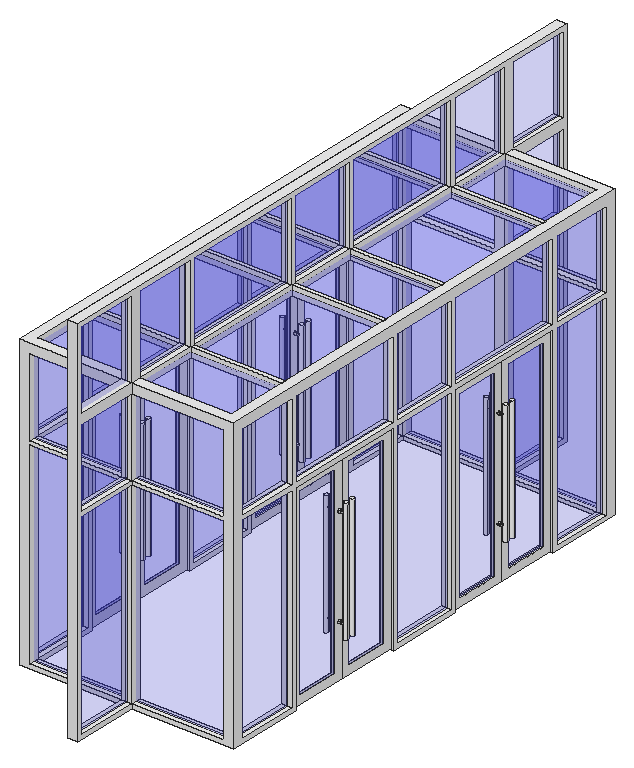
Revit family (continued)
Lines and regions (mm)
  symbolic lines
    curve 83: line (-1375.877, -1667.145, 0) -> (-1430.877, -1667.145, 0)
    curve 84: line (-1375.877, -2512.29, 0) -> (-1430.877, -2512.29, 0)
    curve 85: line (-1375.877, -2567.29, 0) -> (-1430.877, -2567.29, 0)
    curve 86: line (1623.817, -2567.29, 0) -> (1568.817, -2567.29, 0)
    curve 87: line (1623.817, -2512.29, 0) -> (1568.817, -2512.29, 0)
    curve 88: line (1623.817, -1667.145, 0) -> (1568.817, -1667.145, 0)
    curve 89: line (1623.817, -822, 0) -> (1568.817, -822, 0)
    curve 90: line (1623.817, -767, 0) -> (1568.817, -767, 0)
    curve 91: line (-1506.53, 4600, 5500) -> (-1506.53, -5000, 5500)
    curve 92: line (-1506.53, -4695, 5495) -> (-1506.53, -4695, 5)
    curve 93: line (-1506.53, 4305, 0) -> (-1506.53, 4305, 5505)
    curve 94: line (-1506.53, 4295, 5) -> (-1506.53, -4695, 5)
    curve 95: line (-1506.53, 4305, 5505) -> (-1506.53, -4705, 5505)
    curve 96: line (-1506.53, 4295, 5495) -> (-1506.53, -4695, 5495)
    curve 97: line (-1506.53, -4700, 5800) -> (-1506.53, -4700, -300)
    curve 98: line (-1506.53, -4705, 5505) -> (-1506.53, -4705, 0)
    curve 99: line (-1506.53, 4600, 0) -> (-1506.53, -5000, 0)
    curve 100: line (-1506.53, 4300, -300) -> (-1506.53, 4300, 5800)
    curve 101: line (-1506.53, 4295, 5) -> (-1506.53, 4295, 5495)
Dimensions and locks
  plane 4 to plane 3 "중심(왼쪽/오른쪽)" = 1603 mm
  plane 10 to plane 2 = 60 mm
  plane 11 to plane 2 = 2940 mm
  plane 12 to plane 2 = 3000 mm
  plane 13 to plane 2 = 4145 mm
  plane 14 to plane 2 = 4295 mm
  plane 15 to plane 2 = 5440 mm
  plane 11 to plane 16 = 920 mm
  plane 17 to plane 36 = 920 mm
  plane 35 to plane 10 = 920 mm
  plane 50 to plane 49 to plane 48 = 1250 mm, 1250 mm
  plane 49 to plane 14 = 75 mm
  plane 13 to plane 49 = 75 mm
  cut or joined group 1 (Extrusion 1, Extrusion 2, Extrusion 3, Extrusion 4, Extrusion 29, Extrusion 30, Extrusion 59, Extrusion 60, Extrusion 61, Extrusion 62, Extrusion 63, Extrusion 85, Extrusion 86, Extrusion 116, Extrusion 117, Extrusion 118, Extrusion 119, Extrusion 122, Extrusion 123, Extrusion 124, Extrusion 127, Extrusion 128, Extrusion 129, Extrusion 130, Extrusion 131, Extrusion 132, Extrusion 136, Extrusion 137, Extrusion 138, Extrusion 139, Extrusion 140, Extrusion 146) to plane 49 = 4220 mm
  cut or joined group 1 to plane 14 = 4295 mm
  plane 6 to plane 40 = 3177.847 mm
  plane 38 to plane 37 = 9000 mm
  equal spacing: plane 38, plane 1 "중심(앞/뒤)", plane 37
  locked: plane 27 to plane 28 at 1800
  locked: plane 25 to plane 26 at 1800
  locked: plane 8 to plane 37 at 1000
  locked: plane 38 to plane 9 at 999.821
  plane 28 to plane 26 = 1134 mm
  plane 9 to plane 27 = 1133.179 mm
  plane 45 to plane 47 to plane 46 = 12.5 mm locked, 12.5 mm locked
  plane 9 to plane 24 = 150.231 mm
  equal spacing: plane 9, plane 47, plane 24
  plane 18 to plane 8 = 150 mm
  equal spacing: plane 18, plane 32, plane 8
  locked: plane 34 to plane 33 at 25
  equal spacing: plane 34, plane 32, plane 33
  locked: plane 44 to plane 37 at 60
  plane 8 to plane 25 = 1133 mm
  locked: plane 28 to plane 51 at 59.579
  equal spacing: plane 27, plane 52, plane 28
  plane 55 to plane 52 to plane 56 = 60 mm locked, 59.85 mm locked
  plane 54 to plane 52 to plane 53 = 60 mm locked, 60 mm locked
  plane 49 to plane 2 = 4220 mm
  locked: curve 99 to curve 94 at 5
  curve 93 to curve 100 to curve 101 = 5 mm locked, 5 mm locked
  curve 96 to curve 91 to curve 95 = 5 mm locked, 5 mm locked
  curve 92 to curve 97 to curve 98 = 5 mm locked, 5 mm locked
  aligned and locked: plane 20 to Extrusion 1
  aligned and locked: plane 18 to Extrusion 1
  aligned and locked: Extrusion 30 to Extrusion 29
  aligned and locked: Extrusion 31 to Extrusion 34
  aligned and locked: Extrusion 3 to Extrusion 4
  aligned and locked: Extrusion 85 to Extrusion 86
  aligned and locked: Extrusion 87 to Extrusion 90
  aligned and locked: Extrusion 62 to Extrusion 63
  aligned and locked: Extrusion 61 to Extrusion 62
  aligned and locked: plane 46 to Extrusion 125
  aligned and locked: Extrusion 63 to plane 5
  aligned and locked: plane 15 to Extrusion 63
  aligned and locked: Extrusion 131 to plane 5
  aligned and locked: plane 15 to Extrusion 131
  aligned and locked: Extrusion 140 to plane 15
  aligned and locked: Extrusion 130 to plane 14
  aligned and locked: plane 14 to Extrusion 135
  aligned and locked: Extrusion 62 to plane 14
  aligned and locked: plane 13 to Extrusion 62
  aligned and locked: Extrusion 138 to plane 14
  aligned and locked: plane 13 to Extrusion 138
  aligned and locked: Extrusion 118 to plane 14
  aligned and locked: plane 13 to Extrusion 118
  aligned and locked: Extrusion 144 to plane 20
  aligned and locked: Extrusion 145 sketch curve to plane 14
  aligned and locked: Extrusion 121 to Extrusion 145 sketch curve
  aligned and locked: cut or joined group of Extrusion 144, Extrusion 145 to plane 51
  aligned and locked: cut or joined group of Extrusion 144, Extrusion 145 to curve 13
  aligned and locked: plane 45 to Extrusion 126
  aligned and locked: plane 45 to Extrusion 125
  aligned and locked: Extrusion 126 to plane 46  (x2)
  aligned and locked: Extrusion 125 to plane 46
  aligned and locked: Extrusion 126 to Extrusion 126
  aligned and locked: cut or joined group 1 to cut or joined group 1  (x2)
  aligned and locked: plane 24 to Extrusion 145
  aligned and locked: Extrusion 145 to plane 18
  aligned and locked: plane 52 to Sweep 40
  aligned and locked: plane 52 to Sweep 42
  aligned and locked: Sweep 39 to plane 52
  aligned and locked: plane 52 to Extrusion 33
  aligned and locked: Extrusion 32 to plane 52
  aligned and locked: plane 52 to Sweep 41  (x2)
  aligned and locked: plane 52 to Sweep 98
  aligned and locked: Sweep 97 to plane 52
  aligned and locked: plane 52 to Extrusion 89
  aligned and locked: Extrusion 88 to plane 52
  aligned and locked: plane 52 to Sweep 99  (x2)
  aligned and locked: plane 53 to Extrusion 48
  aligned and locked: plane 54 to Extrusion 47
  aligned and locked: plane 55 to Extrusion 105
  aligned and locked: plane 56 to Extrusion 104
  aligned and locked: plane 58 to cut or joined group 1
  aligned and locked: Extrusion 140 to Extrusion 136
  aligned and locked: plane 57 to Extrusion 145 sketch curve
  aligned and locked: Extrusion 127 to Extrusion 63
  aligned and locked: cut or joined group 1 to Extrusion 127
  aligned and locked: Extrusion 126 to cut or joined group 1
  aligned and locked: Extrusion 125 sketch curve to cut or joined group 1  (x2)
  aligned and locked: Extrusion 63 to cut or joined group of Extrusion 144, Extrusion 145
  aligned and locked: Extrusion 139 to plane 24
  aligned and locked: Extrusion 121 sketch curve to cut or joined group 1  (x2)
  aligned and locked: Extrusion 120 sketch curve to cut or joined group 1  (x2)
  aligned and locked: Extrusion 146 sketch curve to cut or joined group of Extrusion 144, Extrusion 145  (x4)
  aligned and locked: cut or joined group 1 to Extrusion 146 sketch curve  (x4)
  aligned and locked: cut or joined group of Extrusion 144, Extrusion 145 to Extrusion 146 sketch curve  (x15)
  aligned and locked: Extrusion 146 sketch curve to cut or joined group 1
  aligned and locked: Extrusion 151 sketch curve to cut or joined group of Extrusion 144, Extrusion 145  (x5)
  aligned and locked: cut or joined group 1 to Extrusion 151 sketch curve
  aligned and locked: Extrusion 151 sketch curve to cut or joined group 1  (x2)
  aligned and locked: cut or joined group of Extrusion 144, Extrusion 145 to Extrusion 151 sketch curve  (x4)
  aligned and locked: Extrusion 68 to plane 15
  aligned and locked: plane 14 to Extrusion 91
  aligned and locked: Extrusion 91 to plane 15
  aligned and locked: plane 14 to Extrusion 68
  aligned and locked: Extrusion 34 to plane 13
  aligned and locked: Extrusion 90 to plane 13
  aligned and locked: Extrusion 8 to plane 13
  aligned and locked: Extrusion 67 to plane 13
  aligned and locked: Sweep 96 to cut or joined group 1
  aligned and locked: Sweep 69 to cut or joined group 1
  aligned and locked: cut or joined group 1 to Extrusion 120
  aligned and locked: cut or joined group 1 to plane 58
  aligned and locked: curve 97 to cut or joined group 1
  aligned and locked: plane 5 to curve 91
  aligned and locked: curve 100 to cut or joined group 1
  aligned and locked: curve 99 to cut or joined group 1
Automatic sketch dimensions
  Extrusion 1 sketch curve to plane 18 = 0 mm
  Extrusion 1 sketch curve to plane 21 = 0 mm  (x3)
  Extrusion 1 sketch curve to plane 20 = 0 mm  (x3)
  Extrusion 1 sketch curve to plane 26 = 0 mm
  Extrusion 1 sketch curve to plane 25 = 0 mm
  Extrusion 1 sketch curve to Extrusion 1 sketch curve = 57.579 mm
  Extrusion 1 sketch curve to Extrusion 1 sketch curve = 60 mm
  Extrusion 1 sketch curve to plane 8 = 0.295 mm
  Extrusion 2 sketch curve to plane 21 = 0 mm  (x2)
  Extrusion 2 sketch curve to plane 20 = 0 mm  (x2)
  Extrusion 2 sketch curve to plane 51 = 0 mm
  Extrusion 2 sketch curve to plane 26 = 0 mm
  Extrusion 2 sketch curve to plane 25 = 0 mm
  Extrusion 2 sketch curve to plane 8 = 0.295 mm
  Extrusion 3 sketch curve to plane 21 = 0 mm
  Extrusion 3 sketch curve to plane 20 = 0 mm
  Extrusion 3 sketch curve to plane 24 = 0 mm
  Extrusion 3 sketch curve to plane 8 = 0 mm
  Extrusion 4 sketch curve to plane 21 = 0 mm
  Extrusion 4 sketch curve to plane 20 = 0 mm
  Extrusion 4 sketch curve to plane 24 = 0 mm
  Extrusion 4 sketch curve to plane 8 = 0 mm
  Extrusion 5 sketch curve to plane 23 = 0 mm  (x2)
  Extrusion 5 sketch curve to plane 22 = 0 mm  (x2)
  Extrusion 5 sketch curve to plane 51 = 0 mm
  Extrusion 5 sketch curve to plane 18 = 0 mm
  plane 26 to Extrusion 5 sketch curve = 57.579 mm
  plane 25 to Extrusion 5 sketch curve = 60 mm
  Extrusion 6 sketch curve to plane 23 = 0 mm
  Extrusion 6 sketch curve to plane 22 = 0 mm
  Extrusion 6 sketch curve to plane 26 = 0 mm
  Extrusion 6 sketch curve to plane 25 = 899.855 mm
  Extrusion 7 sketch curve to plane 23 = 0 mm
  Extrusion 7 sketch curve to plane 22 = 0 mm
  Extrusion 7 sketch curve to plane 25 = 899.855 mm
  plane 25 to Extrusion 7 sketch curve = 0.29 mm
  Extrusion 8 sketch curve to plane 23 = 0 mm  (x3)
  Extrusion 8 sketch curve to plane 22 = 0 mm  (x3)
  Extrusion 8 sketch curve to plane 18 = 0 mm
  Extrusion 8 sketch curve to plane 51 = 0 mm
  Extrusion 8 sketch curve to plane 26 = 0 mm
  Extrusion 8 sketch curve to plane 25 = 0 mm
  Extrusion 8 sketch curve to Extrusion 8 sketch curve = 57.579 mm
  Extrusion 8 sketch curve to Extrusion 8 sketch curve = 60 mm
  Extrusion 9 sketch curve to plane 35 = 185 mm
  Extrusion 9 sketch curve to plane 25 = 834.875 mm
  Extrusion 10 sketch curve to plane 35 = 185 mm
  Extrusion 10 sketch curve to plane 26 = 843.435 mm
  Sweep 11 sketch curve to plane 11 = 0 mm
  Sweep 11 sketch curve to plane 26 = 0 mm
  Sweep 11 sketch curve to level = 0 mm
  Sweep 11 sketch curve to plane 25 = 899.855 mm
  Sweep 11 sketch curve to profile plane = 0 mm  (x2)
  profile plane to Sweep 11 sketch curve = 15 mm
  Sweep 11 sketch curve to Sweep 11 sketch curve = 120 mm
  Sweep 12 sketch curve to plane 11 = 0 mm
  Sweep 12 sketch curve to plane 26 = 0 mm
  Sweep 12 sketch curve to level = 0 mm
  Sweep 12 sketch curve to plane 25 = 899.855 mm
  Sweep 12 sketch curve to profile plane = 0 mm  (x2)
  profile plane to Sweep 12 sketch curve = 15 mm
  Sweep 12 sketch curve to Sweep 12 sketch curve = 120 mm
  Sweep 13 sketch curve to plane 11 = 0 mm
  Sweep 13 sketch curve to level = 0 mm
  Sweep 13 sketch curve to plane 25 = 899.855 mm
  plane 25 to Sweep 13 sketch curve = 0.29 mm
  Sweep 13 sketch curve to profile plane = 0 mm  (x2)
  profile plane to Sweep 13 sketch curve = 15 mm
  Sweep 13 sketch curve to Sweep 13 sketch curve = 120 mm
  Sweep 14 sketch curve to plane 11 = 0 mm
  Sweep 14 sketch curve to level = 0 mm
  Sweep 14 sketch curve to plane 25 = 899.855 mm
  plane 25 to Sweep 14 sketch curve = 0.29 mm
  Sweep 14 sketch curve to profile plane = 0 mm  (x2)
  profile plane to Sweep 14 sketch curve = 15 mm
  Sweep 14 sketch curve to Sweep 14 sketch curve = 120 mm
  Blend 15 sketch curve to plane 35 = 185 mm  (x2)
  Blend 15 sketch curve to plane 26 = 843.435 mm  (x2)
  Blend 16 sketch curve to plane 35 = 185 mm  (x2)
  Blend 16 sketch curve to plane 25 = 834.875 mm  (x2)
  plane 7 to Extrusion 17 sketch curve = 40.212 mm
  Extrusion 17 sketch curve to plane 25 = 834.875 mm
  plane 7 to Extrusion 18 sketch curve = 40.212 mm
  Extrusion 18 sketch curve to plane 26 = 843.49 mm
  plane 16 to Extrusion 19 sketch curve = 235 mm
  Extrusion 19 sketch curve to plane 25 = 834.875 mm
  plane 16 to Extrusion 20 sketch curve = 235 mm
  Extrusion 20 sketch curve to plane 26 = 843.435 mm
  plane 16 to Blend 21 sketch curve = 235 mm  (x2)
  Blend 21 sketch curve to plane 25 = 834.875 mm  (x2)
  plane 16 to Blend 22 sketch curve = 235 mm  (x2)
  Blend 22 sketch curve to plane 26 = 843.435 mm  (x2)
  Extrusion 23 sketch curve to plane 4 = 40.212 mm
  plane 25 to Extrusion 23 sketch curve = 834.875 mm
  Extrusion 24 sketch curve to plane 4 = 40.212 mm
  plane 26 to Extrusion 24 sketch curve = 843.49 mm
  Extrusion 25 sketch curve to plane 35 = 185 mm
  Extrusion 25 sketch curve to plane 25 = 834.875 mm
  Extrusion 26 sketch curve to plane 35 = 185 mm
  Extrusion 26 sketch curve to plane 26 = 843.435 mm
  Blend 27 sketch curve to plane 35 = 185 mm  (x2)
  Blend 27 sketch curve to plane 26 = 843.435 mm  (x2)
  Blend 28 sketch curve to plane 35 = 185 mm  (x2)
  Blend 28 sketch curve to plane 25 = 834.875 mm  (x2)
  Extrusion 29 sketch curve to plane 21 = 0 mm  (x3)
  Extrusion 29 sketch curve to plane 20 = 0 mm  (x3)
  Extrusion 29 sketch curve to plane 51 = 0 mm
  Extrusion 29 sketch curve to plane 28 = 0 mm
  Extrusion 29 sketch curve to plane 27 = 0 mm
  Extrusion 29 sketch curve to plane 24 = 0 mm
  Extrusion 29 sketch curve to Extrusion 29 sketch curve = 60 mm
  Extrusion 29 sketch curve to plane 9 = 0.295 mm
  Extrusion 30 sketch curve to plane 21 = 0 mm
  Extrusion 30 sketch curve to plane 20 = 0 mm
  Extrusion 30 sketch curve to plane 27 = 60 mm
  Extrusion 30 sketch curve to plane 9 = 0.295 mm
  Extrusion 31 sketch curve to plane 23 = 0 mm
  Extrusion 31 sketch curve to plane 22 = 0 mm
  Extrusion 31 sketch curve to plane 24 = 0 mm
  Extrusion 31 sketch curve to plane 27 = 60 mm
  Extrusion 32 sketch curve to plane 23 = 0 mm
  Extrusion 32 sketch curve to plane 22 = 0 mm
  Extrusion 32 sketch curve to plane 52 = 0 mm
  plane 28 to Extrusion 32 sketch curve = 0.295 mm
  Extrusion 33 sketch curve to plane 23 = 0 mm
  Extrusion 33 sketch curve to plane 22 = 0 mm
  Extrusion 33 sketch curve to plane 52 = 0 mm
  plane 27 to Extrusion 33 sketch curve = 0.005 mm
  Extrusion 34 sketch curve to plane 23 = 0 mm  (x2)
  Extrusion 34 sketch curve to plane 22 = 0 mm  (x2)
  Extrusion 34 sketch curve to plane 24 = 0 mm
  Extrusion 34 sketch curve to plane 27 = 60 mm
  plane 27 to Extrusion 34 sketch curve = 0.005 mm
  plane 28 to Extrusion 34 sketch curve = 0.295 mm
  plane 54 to Extrusion 35 sketch curve = 1.15 mm
  Extrusion 35 sketch curve to plane 35 = 185 mm
  plane 54 to Extrusion 36 sketch curve = 1.15 mm
  plane 16 to Extrusion 36 sketch curve = 235 mm
  Extrusion 37 sketch curve to plane 53 = 0.055 mm
  Extrusion 37 sketch curve to plane 35 = 185 mm
  Extrusion 38 sketch curve to plane 53 = 0.055 mm
  plane 16 to Extrusion 38 sketch curve = 235 mm
  Sweep 39 sketch curve to plane 11 = 0 mm
  Sweep 39 sketch curve to level = 0 mm
  Sweep 39 sketch curve to plane 52 = 0 mm
  Sweep 39 sketch curve to plane 28 = 0.295 mm
  Sweep 39 sketch curve to profile plane = 0 mm  (x2)
  Sweep 39 sketch curve to Sweep 39 sketch curve = 120 mm
  Sweep 39 sketch curve to Sweep 39 sketch curve = 15 mm
  Sweep 40 sketch curve to plane 11 = 0 mm
  Sweep 40 sketch curve to level = 0 mm
  Sweep 40 sketch curve to plane 52 = 0 mm
  Sweep 40 sketch curve to plane 28 = 0.295 mm
  Sweep 40 sketch curve to profile plane = 0 mm  (x2)
  Sweep 40 sketch curve to Sweep 40 sketch curve = 120 mm
  profile plane to Sweep 40 sketch curve = 15 mm
  Sweep 41 sketch curve to plane 11 = 0 mm
  Sweep 41 sketch curve to plane 52 = 0 mm
  Sweep 41 sketch curve to level = 0 mm
  Sweep 41 sketch curve to plane 27 = 0.005 mm
  Sweep 41 sketch curve to profile plane = 0 mm  (x2)
  Sweep 41 sketch curve to Sweep 41 sketch curve = 120 mm
  Sweep 41 sketch curve to Sweep 41 sketch curve = 15 mm
  Sweep 42 sketch curve to plane 11 = 0 mm
  Sweep 42 sketch curve to plane 52 = 0 mm
  Sweep 42 sketch curve to level = 0 mm
  Sweep 42 sketch curve to plane 27 = 0.005 mm
  Sweep 42 sketch curve to profile plane = 0 mm  (x2)
  Sweep 42 sketch curve to Sweep 42 sketch curve = 120 mm
  profile plane to Sweep 42 sketch curve = 15 mm
  plane 54 to Blend 43 sketch curve = 1.15 mm  (x2)
  plane 16 to Blend 43 sketch curve = 235 mm  (x2)
  Blend 44 sketch curve to plane 53 = 0.055 mm  (x2)
  plane 16 to Blend 44 sketch curve = 235 mm  (x2)
  Blend 45 sketch curve to plane 53 = 0.055 mm  (x2)
  Blend 45 sketch curve to plane 35 = 185 mm  (x2)
  plane 54 to Blend 46 sketch curve = 1.15 mm  (x2)
  Blend 46 sketch curve to plane 35 = 185 mm  (x2)
  Extrusion 47 sketch curve to plane 54 = 0 mm
  Extrusion 47 sketch curve to plane 7 = 40.212 mm
  Extrusion 48 sketch curve to plane 53 = 0 mm
  Extrusion 48 sketch curve to plane 7 = 40.212 mm
  plane 54 to Extrusion 49 sketch curve = 1.15 mm
  plane 16 to Extrusion 49 sketch curve = 235 mm
  Extrusion 50 sketch curve to plane 53 = 0.055 mm
  plane 16 to Extrusion 50 sketch curve = 235 mm
  plane 54 to Blend 51 sketch curve = 1.15 mm  (x2)
  plane 16 to Blend 51 sketch curve = 235 mm  (x2)
  Blend 52 sketch curve to plane 53 = 0.055 mm  (x2)
  plane 16 to Blend 52 sketch curve = 235 mm  (x2)
  plane 54 to Extrusion 53 sketch curve = 1.15 mm
  plane 4 to Extrusion 53 sketch curve = 40.212 mm
  Extrusion 54 sketch curve to plane 53 = 0 mm
  plane 4 to Extrusion 54 sketch curve = 40.212 mm
  plane 54 to Extrusion 55 sketch curve = 1.15 mm
  Extrusion 55 sketch curve to plane 35 = 185 mm
  Extrusion 56 sketch curve to plane 53 = 0.055 mm
  Extrusion 56 sketch curve to plane 35 = 185 mm
  Blend 57 sketch curve to plane 53 = 0.055 mm  (x2)
  Blend 57 sketch curve to plane 35 = 185 mm  (x2)
  plane 54 to Blend 58 sketch curve = 1.15 mm  (x2)
  Blend 58 sketch curve to plane 35 = 185 mm  (x2)
  Extrusion 59 sketch curve to plane 18 = 0 mm
  Extrusion 59 sketch curve to plane 40 = 0 mm  (x3)
  Extrusion 59 sketch curve to plane 25 = 0 mm
  Extrusion 59 sketch curve to plane 26 = 0 mm
  Extrusion 59 sketch curve to plane 41 = 0 mm  (x3)
  Extrusion 59 sketch curve to Extrusion 59 sketch curve = 57.579 mm
  Extrusion 59 sketch curve to Extrusion 59 sketch curve = 60 mm
  plane 8 to Extrusion 59 sketch curve = 0.295 mm
  Extrusion 60 sketch curve to plane 40 = 0 mm  (x2)
  Extrusion 60 sketch curve to plane 41 = 0 mm  (x2)
  Extrusion 60 sketch curve to plane 26 = 0 mm
  Extrusion 60 sketch curve to plane 51 = 0 mm
  Extrusion 60 sketch curve to plane 25 = 0 mm
  plane 8 to Extrusion 60 sketch curve = 0.295 mm
  Extrusion 61 sketch curve to plane 24 = 0 mm
  Extrusion 61 sketch curve to plane 40 = 0 mm
  Extrusion 61 sketch curve to plane 41 = 0 mm
  Extrusion 61 sketch curve to plane 8 = 0 mm
  Extrusion 62 sketch curve to plane 24 = 0 mm
  Extrusion 62 sketch curve to plane 40 = 0 mm
  Extrusion 62 sketch curve to plane 41 = 0 mm
  Extrusion 62 sketch curve to plane 8 = 0 mm
  Extrusion 63 sketch curve to plane 24 = 0 mm
  Extrusion 63 sketch curve to plane 58 = 0 mm
  Extrusion 63 sketch curve to plane 57 = 0 mm
  Extrusion 63 sketch curve to plane 8 = 0 mm
  Extrusion 64 sketch curve to plane 42 = 0 mm  (x2)
  Extrusion 64 sketch curve to plane 43 = 0 mm  (x2)
  Extrusion 64 sketch curve to plane 51 = 0 mm
  Extrusion 64 sketch curve to plane 18 = 0 mm
  Extrusion 64 sketch curve to plane 26 = 57.579 mm
  Extrusion 64 sketch curve to plane 25 = 60 mm
  Extrusion 65 sketch curve to plane 42 = 0 mm
  Extrusion 65 sketch curve to plane 43 = 0 mm
  Extrusion 65 sketch curve to plane 26 = 0 mm
  plane 25 to Extrusion 65 sketch curve = 899.855 mm
  Extrusion 66 sketch curve to plane 42 = 0 mm
  Extrusion 66 sketch curve to plane 43 = 0 mm
  plane 25 to Extrusion 66 sketch curve = 899.855 mm
  Extrusion 66 sketch curve to plane 25 = 0.29 mm
  Extrusion 67 sketch curve to plane 42 = 0 mm  (x3)
  Extrusion 67 sketch curve to plane 25 = 0 mm
  Extrusion 67 sketch curve to plane 43 = 0 mm  (x3)
  Extrusion 67 sketch curve to plane 18 = 0 mm
  Extrusion 67 sketch curve to plane 51 = 0 mm
  Extrusion 67 sketch curve to plane 26 = 0 mm
  Extrusion 67 sketch curve to Extrusion 67 sketch curve = 57.579 mm
  Extrusion 67 sketch curve to Extrusion 67 sketch curve = 60 mm
  Extrusion 68 sketch curve to plane 51 = 0 mm
  Extrusion 68 sketch curve to plane 18 = 0 mm
  Extrusion 68 sketch curve to plane 25 = 0 mm
  Extrusion 68 sketch curve to plane 26 = 0 mm
  Extrusion 68 sketch curve to plane 3 "중심(왼쪽/오른쪽)" = 12.5 mm  (x3)
  plane 3 "중심(왼쪽/오른쪽)" to Extrusion 68 sketch curve = 12.5 mm  (x3)
  Extrusion 68 sketch curve to Extrusion 68 sketch curve = 57.579 mm
  Extrusion 68 sketch curve to Extrusion 68 sketch curve = 60 mm
  Sweep 69 sketch curve to Extrusion 68 = 0 mm
  Sweep 69 sketch curve to Extrusion 68 = 899.855 mm
  Sweep 69 sketch curve to Extrusion 68 = 1355 mm
  Sweep 69 sketch curve to Sweep 69 sketch curve = 2940 mm
  Sweep 69 sketch curve to profile plane = 0 mm
  Sweep 69 sketch curve to Sweep 69 sketch curve = 120 mm
  Sweep 69 sketch curve to profile plane = 1499.847 mm
  Sweep 69 sketch curve to Sweep 69 sketch curve = 15 mm
  Sweep 70 sketch curve to plane 11 = 0 mm
  Sweep 70 sketch curve to plane 26 = 0 mm
  Sweep 70 sketch curve to level = 0 mm
  Sweep 70 sketch curve to plane 25 = 899.855 mm
  Sweep 70 sketch curve to profile plane = 0 mm  (x2)
  Sweep 70 sketch curve to Sweep 70 sketch curve = 120 mm
  profile plane to Sweep 70 sketch curve = 15 mm
  Sweep 71 sketch curve to plane 11 = 0 mm
  Sweep 71 sketch curve to level = 0 mm
  Sweep 71 sketch curve to plane 25 = 899.855 mm
  plane 25 to Sweep 71 sketch curve = 0.29 mm
  Sweep 71 sketch curve to profile plane = 0 mm  (x2)
  Sweep 71 sketch curve to Sweep 71 sketch curve = 120 mm
  Sweep 71 sketch curve to Sweep 71 sketch curve = 15 mm
  Sweep 72 sketch curve to plane 11 = 0 mm
  Sweep 72 sketch curve to level = 0 mm
  Sweep 72 sketch curve to plane 25 = 899.855 mm
  plane 25 to Sweep 72 sketch curve = 0.29 mm
  Sweep 72 sketch curve to profile plane = 0 mm  (x2)
  Sweep 72 sketch curve to Sweep 72 sketch curve = 120 mm
  profile plane to Sweep 72 sketch curve = 15 mm
  plane 41 to Extrusion 73 sketch curve = 68.365 mm
  plane 25 to Extrusion 73 sketch curve = 834.875 mm
  plane 41 to Extrusion 74 sketch curve = 68.365 mm
  plane 26 to Extrusion 74 sketch curve = 843.49 mm
  plane 16 to Extrusion 75 sketch curve = 235 mm
  Extrusion 75 sketch curve to plane 25 = 834.875 mm
  plane 16 to Extrusion 76 sketch curve = 235 mm
  Extrusion 76 sketch curve to plane 26 = 843.435 mm
  plane 16 to Blend 77 sketch curve = 235 mm  (x2)
  Blend 77 sketch curve to plane 25 = 834.875 mm  (x2)
  plane 16 to Blend 78 sketch curve = 235 mm  (x2)
  Blend 78 sketch curve to plane 26 = 843.435 mm  (x2)
  plane 29 to Extrusion 79 sketch curve = 40.212 mm
  Extrusion 79 sketch curve to plane 25 = 834.875 mm
  plane 29 to Extrusion 80 sketch curve = 40.212 mm
  Extrusion 80 sketch curve to plane 26 = 843.49 mm
  Extrusion 81 sketch curve to plane 35 = 185 mm
  Extrusion 81 sketch curve to plane 25 = 834.875 mm
  Extrusion 82 sketch curve to plane 35 = 185 mm
  Extrusion 82 sketch curve to plane 26 = 843.435 mm
  Blend 83 sketch curve to plane 35 = 185 mm  (x2)
  Blend 83 sketch curve to plane 26 = 843.435 mm  (x2)
  Blend 84 sketch curve to plane 35 = 185 mm  (x2)
  Blend 84 sketch curve to plane 25 = 834.875 mm  (x2)
  Extrusion 85 sketch curve to plane 24 = 0 mm
  Extrusion 85 sketch curve to plane 40 = 0 mm  (x3)
  Extrusion 85 sketch curve to plane 41 = 0 mm  (x3)
  Extrusion 85 sketch curve to plane 51 = 0 mm
  Extrusion 85 sketch curve to plane 28 = 0 mm
  Extrusion 85 sketch curve to plane 27 = 0 mm
  Extrusion 85 sketch curve to Extrusion 85 sketch curve = 60 mm
  plane 9 to Extrusion 85 sketch curve = 0.295 mm
  Extrusion 86 sketch curve to plane 40 = 0 mm
  Extrusion 86 sketch curve to plane 41 = 0 mm
  plane 27 to Extrusion 86 sketch curve = 60 mm
  plane 9 to Extrusion 86 sketch curve = 0.295 mm
  Extrusion 87 sketch curve to plane 24 = 0 mm
  Extrusion 87 sketch curve to plane 42 = 0 mm
  Extrusion 87 sketch curve to plane 43 = 0 mm
  plane 27 to Extrusion 87 sketch curve = 60 mm
  Extrusion 88 sketch curve to plane 42 = 0 mm
  Extrusion 88 sketch curve to plane 43 = 0 mm
  Extrusion 88 sketch curve to plane 52 = 0 mm
  Extrusion 88 sketch curve to plane 28 = 0.295 mm
  Extrusion 89 sketch curve to plane 42 = 0 mm
  Extrusion 89 sketch curve to plane 43 = 0 mm
  Extrusion 89 sketch curve to plane 52 = 0 mm
  Extrusion 89 sketch curve to plane 27 = 0.005 mm
  Extrusion 90 sketch curve to plane 42 = 0 mm  (x2)
  Extrusion 90 sketch curve to plane 43 = 0 mm  (x2)
  Extrusion 90 sketch curve to plane 24 = 0 mm
  plane 27 to Extrusion 90 sketch curve = 60 mm
  Extrusion 90 sketch curve to plane 27 = 0.005 mm
  Extrusion 90 sketch curve to plane 28 = 0.295 mm
  Extrusion 91 sketch curve to plane 24 = 0 mm
  plane 3 "중심(왼쪽/오른쪽)" to Extrusion 91 sketch curve = 12.5 mm  (x2)
  Extrusion 91 sketch curve to plane 27 = 0.005 mm
  Extrusion 91 sketch curve to plane 28 = 0.295 mm
  Extrusion 91 sketch curve to plane 3 "중심(왼쪽/오른쪽)" = 12.5 mm  (x2)
  plane 27 to Extrusion 91 sketch curve = 60 mm
  plane 54 to Extrusion 92 sketch curve = 1 mm
  Extrusion 92 sketch curve to plane 35 = 185 mm
  plane 54 to Extrusion 93 sketch curve = 1 mm
  plane 16 to Extrusion 93 sketch curve = 235 mm
  Extrusion 94 sketch curve to plane 53 = 0.055 mm
  Extrusion 94 sketch curve to plane 35 = 185 mm
  Extrusion 95 sketch curve to plane 53 = 0.055 mm
  plane 16 to Extrusion 95 sketch curve = 235 mm
  Sweep 96 sketch curve to Extrusion 91 = 0 mm
  Sweep 96 sketch curve to Sweep 96 sketch curve = 900.145 mm
  Sweep 96 sketch curve to Extrusion 91 = 4295 mm
  Sweep 96 sketch curve to Extrusion 91 = 1355 mm
  Sweep 96 sketch curve to profile plane = 0 mm
  profile plane to Sweep 96 sketch curve = 120 mm
  Sweep 96 sketch curve to profile plane = 1499.847 mm
  Sweep 96 sketch curve to Sweep 96 sketch curve = 15 mm
  Sweep 97 sketch curve to plane 11 = 0 mm
  Sweep 97 sketch curve to level = 0 mm
  Sweep 97 sketch curve to plane 52 = 0 mm
  Sweep 97 sketch curve to plane 28 = 0.295 mm
  Sweep 97 sketch curve to profile plane = 0 mm  (x2)
  profile plane to Sweep 97 sketch curve = 15 mm
  profile plane to Sweep 97 sketch curve = 120 mm
  Sweep 98 sketch curve to plane 11 = 0 mm
  Sweep 98 sketch curve to plane 52 = 0 mm
  Sweep 98 sketch curve to level = 0 mm
  Sweep 98 sketch curve to plane 27 = 0.005 mm
  Sweep 98 sketch curve to profile plane = 0 mm  (x2)
  profile plane to Sweep 98 sketch curve = 15 mm
  Sweep 98 sketch curve to Sweep 98 sketch curve = 120 mm
  Sweep 99 sketch curve to plane 11 = 0 mm
  Sweep 99 sketch curve to plane 52 = 0 mm
  Sweep 99 sketch curve to level = 0 mm
  Sweep 99 sketch curve to plane 27 = 0.005 mm
  Sweep 99 sketch curve to profile plane = 0 mm  (x2)
  profile plane to Sweep 99 sketch curve = 15 mm
  Sweep 99 sketch curve to Sweep 99 sketch curve = 120 mm
  plane 54 to Blend 100 sketch curve = 1 mm  (x2)
  plane 16 to Blend 100 sketch curve = 235 mm  (x2)
  Blend 101 sketch curve to plane 53 = 0.055 mm  (x2)
  plane 16 to Blend 101 sketch curve = 235 mm  (x2)
  Blend 102 sketch curve to plane 53 = 0.055 mm  (x2)
  Blend 102 sketch curve to plane 35 = 185 mm  (x2)
  plane 54 to Blend 103 sketch curve = 1 mm  (x2)
  Blend 103 sketch curve to plane 35 = 185 mm  (x2)
  Extrusion 104 sketch curve to plane 56 = 0 mm
  Extrusion 104 sketch curve to plane 41 = 68.365 mm
  Extrusion 105 sketch curve to plane 53 = 0 mm
  Extrusion 105 sketch curve to plane 41 = 68.365 mm
  plane 54 to Extrusion 106 sketch curve = 1 mm
  plane 16 to Extrusion 106 sketch curve = 235 mm
  Extrusion 107 sketch curve to plane 53 = 0.055 mm
  plane 16 to Extrusion 107 sketch curve = 235 mm
  plane 54 to Blend 108 sketch curve = 1 mm  (x2)
  plane 16 to Blend 108 sketch curve = 235 mm  (x2)
  Blend 109 sketch curve to plane 53 = 0.055 mm  (x2)
  plane 16 to Blend 109 sketch curve = 235 mm  (x2)
  Extrusion 110 sketch curve to plane 54 = 1 mm
  Extrusion 110 sketch curve to plane 29 = 40.212 mm
  Extrusion 111 sketch curve to plane 53 = 0 mm
  Extrusion 111 sketch curve to plane 29 = 40.212 mm
  plane 54 to Extrusion 112 sketch curve = 1 mm
  Extrusion 112 sketch curve to plane 35 = 185 mm
  Extrusion 113 sketch curve to plane 53 = 0.055 mm
  Extrusion 113 sketch curve to plane 35 = 185 mm
  Blend 114 sketch curve to plane 53 = 0.055 mm  (x2)
  Blend 114 sketch curve to plane 35 = 185 mm  (x2)
  plane 54 to Blend 115 sketch curve = 1 mm  (x2)
  Blend 115 sketch curve to plane 35 = 185 mm  (x2)
  Extrusion 116 sketch curve to plane 8 = 0 mm
  Extrusion 116 sketch curve to plane 20 = 0 mm
  Extrusion 116 sketch curve to plane 41 = 0 mm
  Extrusion 116 sketch curve to plane 18 = 0 mm
  Extrusion 117 sketch curve to plane 8 = 0 mm
  Extrusion 117 sketch curve to plane 20 = 0 mm
  Extrusion 117 sketch curve to plane 41 = 0 mm
  Extrusion 117 sketch curve to plane 18 = 0 mm
  Extrusion 118 sketch curve to plane 8 = 0 mm
  Extrusion 118 sketch curve to plane 20 = 0 mm
  Extrusion 118 sketch curve to plane 41 = 0 mm
  Extrusion 118 sketch curve to plane 18 = 0 mm
  Extrusion 119 sketch curve to plane 18 = 0 mm
  Extrusion 119 sketch curve to plane 31 = 45 mm
  plane 30 to Extrusion 119 sketch curve = 45 mm
  Extrusion 119 sketch curve to plane 8 = 0 mm
  Extrusion 120 sketch curve to plane 20 = 0 mm
  Extrusion 120 sketch curve to plane 34 = 0 mm  (x2)
  Extrusion 120 sketch curve to plane 41 = 0 mm
  Extrusion 120 sketch curve to plane 33 = 0 mm  (x2)
  Extrusion 121 sketch curve to plane 20 = 0 mm
  Extrusion 121 sketch curve to plane 34 = 0 mm  (x2)
  Extrusion 121 sketch curve to plane 41 = 0 mm
  Extrusion 121 sketch curve to plane 33 = 0 mm  (x2)
  Extrusion 122 sketch curve to plane 20 = 0 mm
  Extrusion 122 sketch curve to plane 24 = 0 mm
  Extrusion 122 sketch curve to plane 41 = 0 mm
  plane 9 to Extrusion 122 sketch curve = 0.295 mm
  Extrusion 123 sketch curve to plane 20 = 0 mm
  Extrusion 123 sketch curve to plane 24 = 0 mm
  Extrusion 123 sketch curve to plane 41 = 0 mm
  plane 9 to Extrusion 123 sketch curve = 0.295 mm
  Extrusion 124 sketch curve to plane 20 = 0 mm
  Extrusion 124 sketch curve to plane 24 = 0 mm
  Extrusion 124 sketch curve to plane 41 = 0 mm
  plane 9 to Extrusion 124 sketch curve = 0.295 mm
  Extrusion 125 sketch curve to plane 20 = 0 mm
  Extrusion 125 sketch curve to plane 41 = 0 mm
  Extrusion 125 sketch curve to plane 45 = 0 mm  (x2)
  Extrusion 125 sketch curve to plane 46 = 0 mm  (x2)
  Extrusion 126 sketch curve to plane 20 = 0 mm
  Extrusion 126 sketch curve to plane 46 = 0 mm  (x2)
  Extrusion 126 sketch curve to plane 57 = 0 mm
  Extrusion 126 sketch curve to plane 45 = 0 mm  (x2)
  Extrusion 126 sketch curve to plane 58 = 0 mm
  Extrusion 126 sketch curve to plane 41 = 0 mm
  Extrusion 127 sketch curve to plane 9 = 0 mm
  Extrusion 127 sketch curve to plane 57 = 0 mm
  Extrusion 127 sketch curve to plane 58 = 0 mm
  Extrusion 127 sketch curve to plane 24 = 0 mm
  Extrusion 128 sketch curve to plane 57 = 0 mm
  Extrusion 128 sketch curve to plane 58 = 0 mm
  Extrusion 128 sketch curve to plane 37 = 0 mm
  Extrusion 128 sketch curve to plane 8 = 0.295 mm
  Extrusion 129 sketch curve to plane 57 = 0 mm
  Extrusion 129 sketch curve to plane 58 = 0 mm
  Extrusion 129 sketch curve to plane 37 = 0 mm
  Extrusion 129 sketch curve to plane 8 = 0.295 mm
  Extrusion 130 sketch curve to plane 57 = 0 mm
  Extrusion 130 sketch curve to plane 58 = 0 mm
  Extrusion 130 sketch curve to plane 37 = 0 mm
  Extrusion 130 sketch curve to plane 8 = 0.295 mm
  Extrusion 131 sketch curve to plane 37 = 0 mm
  Extrusion 131 sketch curve to plane 57 = 0 mm
  Extrusion 131 sketch curve to plane 58 = 0 mm
  plane 8 to Extrusion 131 sketch curve = 29.51 mm
  Extrusion 132 sketch curve to plane 37 = 0 mm
  Extrusion 132 sketch curve to plane 57 = 0 mm
  Extrusion 132 sketch curve to plane 44 = 0 mm
  Extrusion 132 sketch curve to plane 58 = 0 mm
  Extrusion 133 sketch curve to plane 44 = 0 mm
  Extrusion 133 sketch curve to plane 3 "중심(왼쪽/오른쪽)" = 12.5 mm
  plane 3 "중심(왼쪽/오른쪽)" to Extrusion 133 sketch curve = 12.5 mm
  Extrusion 133 sketch curve to plane 8 = 0.295 mm
  Extrusion 134 sketch curve to plane 44 = 0 mm
  Extrusion 134 sketch curve to plane 3 "중심(왼쪽/오른쪽)" = 12.5 mm
  plane 3 "중심(왼쪽/오른쪽)" to Extrusion 134 sketch curve = 12.5 mm
  Extrusion 134 sketch curve to plane 8 = 0.295 mm
  Extrusion 135 sketch curve to plane 44 = 0 mm
  Extrusion 135 sketch curve to plane 3 "중심(왼쪽/오른쪽)" = 12.5 mm
  plane 3 "중심(왼쪽/오른쪽)" to Extrusion 135 sketch curve = 12.5 mm
  Extrusion 135 sketch curve to plane 8 = 0.295 mm
  Extrusion 136 sketch curve to plane 57 = 0 mm
  Extrusion 136 sketch curve to plane 58 = 0 mm
  Extrusion 136 sketch curve to plane 38 = 0 mm
  Extrusion 136 sketch curve to plane 9 = 0.295 mm
  Extrusion 137 sketch curve to plane 57 = 0 mm
  Extrusion 137 sketch curve to plane 58 = 0 mm
  Extrusion 137 sketch curve to plane 38 = 0 mm
  Extrusion 137 sketch curve to plane 9 = 0.295 mm
  Extrusion 138 sketch curve to plane 57 = 0 mm
  Extrusion 138 sketch curve to plane 58 = 0 mm
  Extrusion 138 sketch curve to plane 38 = 0 mm
  Extrusion 138 sketch curve to plane 9 = 0.295 mm
  Extrusion 139 sketch curve to plane 24 = 0 mm
  Extrusion 139 sketch curve to plane 57 = 0 mm
  Extrusion 139 sketch curve to plane 58 = 0 mm
  Extrusion 139 sketch curve to plane 38 = 0 mm
  Extrusion 140 sketch curve to plane 38 = 0 mm
  Extrusion 140 sketch curve to plane 57 = 0 mm
  Extrusion 140 sketch curve to plane 58 = 0 mm
  plane 38 to Extrusion 140 sketch curve = 60 mm
  plane 3 "중심(왼쪽/오른쪽)" to Extrusion 141 sketch curve = 12.5 mm
  Extrusion 141 sketch curve to plane 3 "중심(왼쪽/오른쪽)" = 12.5 mm
  Extrusion 141 sketch curve to plane 9 = 0.295 mm
  plane 38 to Extrusion 141 sketch curve = 60 mm
  plane 3 "중심(왼쪽/오른쪽)" to Extrusion 142 sketch curve = 12.5 mm
  Extrusion 142 sketch curve to plane 3 "중심(왼쪽/오른쪽)" = 12.5 mm
  Extrusion 142 sketch curve to plane 9 = 0.295 mm
  plane 38 to Extrusion 142 sketch curve = 60 mm
  plane 3 "중심(왼쪽/오른쪽)" to Extrusion 143 sketch curve = 12.5 mm
  Extrusion 143 sketch curve to plane 3 "중심(왼쪽/오른쪽)" = 12.5 mm
  Extrusion 143 sketch curve to plane 9 = 0.295 mm
  plane 38 to Extrusion 143 sketch curve = 60 mm
  Extrusion 144 sketch curve to plane 14 = 0 mm  (x4)
  Extrusion 144 sketch curve to plane 27 = 0 mm
  Extrusion 144 sketch curve to plane 28 = 0 mm
  Extrusion 144 sketch curve to plane 51 = 0 mm
  Extrusion 144 sketch curve to plane 26 = 0 mm
  Extrusion 144 sketch curve to plane 25 = 0 mm
  plane 13 to Extrusion 144 sketch curve = 0.007 mm  (x4)
  Extrusion 144 sketch curve to Extrusion 144 sketch curve = 60 mm  (x2)
  Extrusion 144 sketch curve to Extrusion 144 sketch curve = 57.579 mm
  Extrusion 145 sketch curve to plane 58 = 0 mm
  plane 16 to Extrusion 147 sketch curve = 235 mm
  Extrusion 147 sketch curve to plane 25 = 834.875 mm
  plane 16 to Extrusion 148 sketch curve = 235 mm
  Extrusion 148 sketch curve to plane 26 = 843.435 mm
  plane 16 to Blend 149 sketch curve = 235 mm  (x2)
  Blend 149 sketch curve to plane 25 = 834.875 mm  (x2)
  plane 16 to Blend 150 sketch curve = 235 mm  (x2)
  Blend 150 sketch curve to plane 26 = 843.435 mm  (x2)
  Extrusion 152 sketch curve to plane 20 = 0 mm  (x2)
  Extrusion 152 sketch curve to plane 27 = 0 mm
  Extrusion 152 sketch curve to plane 57 = 0 mm  (x2)
  Extrusion 152 sketch curve to plane 28 = 0 mm
  Extrusion 152 sketch curve to Extrusion 152 sketch curve = 60 mm
  Extrusion 152 sketch curve to plane 24 = 0.052 mm
  Extrusion 153 sketch curve to plane 41 = 0 mm  (x3)
  Extrusion 153 sketch curve to plane 26 = 0 mm
  Extrusion 153 sketch curve to plane 58 = 0 mm  (x3)
  Extrusion 153 sketch curve to plane 18 = 0 mm
  Extrusion 153 sketch curve to plane 51 = 0 mm
  Extrusion 153 sketch curve to plane 25 = 0 mm
  Extrusion 153 sketch curve to plane 26 = 57.579 mm
  Extrusion 153 sketch curve to Extrusion 153 sketch curve = 60 mm
  Extrusion 154 sketch curve to plane 41 = 0 mm  (x2)
  Extrusion 154 sketch curve to plane 28 = 0 mm
  Extrusion 154 sketch curve to plane 27 = 0 mm
  Extrusion 154 sketch curve to plane 58 = 0 mm  (x2)
  Extrusion 154 sketch curve to Extrusion 154 sketch curve = 60 mm
  plane 24 to Extrusion 154 sketch curve = 0.052 mm
  curve 66 to level = 0 mm
  curve 66 to plane 52 = 0 mm
  curve 68 to plane 11 = 0 mm
  curve 68 to plane 52 = 0 mm
  curve 68 to plane 28 = 0 mm
  curve 69 to plane 11 = 0 mm
  curve 70 to level = 0 mm
  curve 66 to plane 27 = 0.005 mm
  curve 69 to plane 26 = 0.15 mm
  curve 69 to plane 25 = 899.855 mm
  curve 70 to plane 25 = 899.855 mm
  plane 25 to curve 72 = 0.145 mm
  curve 70 to plane 36 = 430 mm
  curve 66 to plane 36 = 430 mm
  curve 68 to plane 36 = 430.009 mm
  curve 71 to plane 36 = 430.009 mm
  plane 16 to Extrusion 155 sketch curve = 235 mm
  Extrusion 155 sketch curve to plane 25 = 834.875 mm
  plane 16 to Extrusion 156 sketch curve = 235 mm
  Extrusion 156 sketch curve to plane 26 = 843.435 mm
  plane 16 to Blend 157 sketch curve = 235 mm  (x2)
  Blend 157 sketch curve to plane 25 = 834.875 mm  (x2)
  plane 16 to Blend 158 sketch curve = 235 mm  (x2)
  Blend 158 sketch curve to plane 26 = 843.435 mm  (x2)
  curve 39 to plane 28 = 0 mm
  curve 63 to plane 28 = 0 mm
  curve 29 to plane 26 = 0 mm
  plane 28 to curve 40 = 55 mm
  plane 4 to curve 40 = 824.347 mm
  plane 25 to curve 1 = 0.29 mm
  plane 4 to curve 1 = 824.347 mm
  plane 27 to curve 33 = 0.29 mm
  plane 4 to curve 33 = 824.347 mm
  plane 4 to curve 5 = 824.347 mm
  curve 4 to plane 25 = 11.941 mm
  curve 4 to plane 23 = 28.021 mm
  curve 36 to plane 27 = 11.941 mm
  curve 36 to plane 23 = 28.021 mm
  curve 8 to plane 26 = 12.231 mm
  curve 8 to plane 23 = 28.021 mm
  plane 28 to curve 40 = 12.231 mm
  curve 37 to curve 40 = 886.979 mm
  curve 84 to plane 23 = 15 mm
  curve 83 to plane 52 = 0.145 mm
  curve 37 to plane 23 = 15 mm
  curve 8 to plane 23 = 15 mm
  curve 82 to plane 23 = 15 mm
  curve 6 to plane 23 = 15 mm
  curve 5 to plane 23 = 15 mm
  curve 33 to plane 23 = 15 mm
  curve 2 to plane 22 = 4.6 mm
  plane 22 to curve 45 = 15 mm
  plane 22 to curve 44 = 15 mm
  plane 22 to curve 46 = 15 mm
  plane 22 to curve 42 = 15 mm
  plane 22 to curve 85 = 15 mm
  plane 22 to curve 78 = 15 mm
  plane 22 to curve 79 = 15 mm
  plane 22 to curve 80 = 15 mm
  curve 16 to plane 26 = 12.231 mm
  curve 13 to curve 16 = 13.021 mm
  curve 44 to plane 27 = 11.941 mm
  curve 41 to curve 44 = 13.021 mm
  curve 45 to curve 48 = 13.021 mm
  curve 12 to plane 25 = 11.941 mm
  plane 22 to curve 12 = 28.021 mm
  curve 9 to plane 20 = 5.771 mm
  plane 57 to curve 47 = 497.347 mm
  plane 28 to curve 63 = 55 mm
  curve 63 to plane 58 = 497.347 mm
  plane 25 to curve 25 = 0.29 mm
  curve 25 to plane 58 = 497.347 mm
  plane 27 to curve 57 = 0.29 mm
  curve 57 to plane 58 = 497.347 mm
  curve 29 to plane 58 = 497.347 mm
  curve 60 to plane 27 = 11.941 mm
  curve 60 to plane 43 = 28.021 mm
  curve 32 to plane 43 = 28.021 mm
  curve 28 to plane 25 = 11.941 mm
  curve 28 to plane 43 = 28.021 mm
  plane 28 to curve 64 = 12.231 mm
  curve 61 to curve 64 = 886.979 mm
  curve 75 to plane 43 = 15 mm
  curve 74 to plane 43 = 15 mm
  curve 73 to plane 43 = 15 mm
  curve 64 to plane 52 = 0.145 mm
  curve 89 to plane 43 = 15 mm
  curve 76 to plane 43 = 15 mm
  curve 77 to plane 43 = 15 mm
  curve 61 to plane 43 = 15 mm
  curve 57 to plane 43 = 15 mm
  curve 58 to plane 43 = 15 mm
  plane 42 to curve 56 = 15 mm
  plane 42 to curve 90 = 15 mm
  plane 42 to curve 24 = 15 mm
  plane 42 to curve 89 = 15 mm
  plane 42 to curve 87 = 15 mm
  plane 42 to curve 86 = 15 mm
  plane 42 to curve 73 = 15 mm
  plane 42 to curve 22 = 15 mm
  plane 42 to curve 21 = 15 mm
  plane 42 to curve 74 = 15 mm
  curve 52 to plane 27 = 11.941 mm
  curve 49 to curve 52 = 13.021 mm
  curve 24 to plane 26 = 12.231 mm
  curve 21 to curve 24 = 13.021 mm
  curve 53 to curve 56 = 13.021 mm
  curve 20 to plane 25 = 11.941 mm
  curve 17 to curve 20 = 13.021 mm
  curve 24 to curve 21 = 886.979 mm
  plane 29 to curve 53 = 824.347 mm
  curve 21 to curve 24 = 55 mm
  curve 6 to plane 26 = 55 mm
  curve 97 to plane 59 = 0 mm
  curve 100 to plane 59 = 0 mm
  curve 97 to plane 61 = 0 mm
  curve 100 to plane 61 = 0 mm
  curve 99 to plane 62 = 0 mm
  curve 91 to plane 62 = 0 mm
  curve 91 to plane 60 = 0 mm
  curve 99 to plane 60 = 0 mm
  radius of Extrusion 9 sketch curve = 15 mm
  radius of Extrusion 10 sketch curve = 15 mm
  radius of Blend 15 sketch curve = 15 mm
  radius of Blend 15 sketch curve = 10 mm
  radius of Blend 16 sketch curve = 15 mm
  radius of Blend 16 sketch curve = 10 mm
  radius of Extrusion 17 sketch curve = 30 mm
  radius of Extrusion 18 sketch curve = 30 mm
  radius of Extrusion 19 sketch curve = 15 mm
  radius of Extrusion 20 sketch curve = 15 mm
  radius of Blend 21 sketch curve = 15 mm
  radius of Blend 21 sketch curve = 10 mm
  radius of Blend 22 sketch curve = 15 mm
  radius of Blend 22 sketch curve = 10 mm
  radius of Extrusion 23 sketch curve = 30 mm
  radius of Extrusion 24 sketch curve = 30 mm
  radius of Extrusion 25 sketch curve = 15 mm
  radius of Extrusion 26 sketch curve = 15 mm
  radius of Blend 27 sketch curve = 15 mm
  radius of Blend 27 sketch curve = 10 mm
  radius of Blend 28 sketch curve = 15 mm
  radius of Blend 28 sketch curve = 10 mm
  radius of Extrusion 35 sketch curve = 15 mm
  radius of Extrusion 36 sketch curve = 15 mm
  radius of Extrusion 37 sketch curve = 15 mm
  radius of Extrusion 38 sketch curve = 15 mm
  radius of Blend 43 sketch curve = 15 mm
  radius of Blend 43 sketch curve = 10 mm
  radius of Blend 44 sketch curve = 15 mm
  radius of Blend 44 sketch curve = 10 mm
  radius of Blend 45 sketch curve = 15 mm
  radius of Blend 45 sketch curve = 10 mm
  radius of Blend 46 sketch curve = 15 mm
  radius of Blend 46 sketch curve = 10 mm
  radius of Extrusion 47 sketch curve = 30 mm
  radius of Extrusion 48 sketch curve = 30 mm
  radius of Extrusion 49 sketch curve = 15 mm
  radius of Extrusion 50 sketch curve = 15 mm
  radius of Blend 51 sketch curve = 15 mm
  radius of Blend 51 sketch curve = 10 mm
  radius of Blend 52 sketch curve = 15 mm
  radius of Blend 52 sketch curve = 10 mm
  radius of Extrusion 53 sketch curve = 30 mm
  radius of Extrusion 54 sketch curve = 30 mm
  radius of Extrusion 55 sketch curve = 15 mm
  radius of Extrusion 56 sketch curve = 15 mm
  radius of Blend 57 sketch curve = 15 mm
  radius of Blend 57 sketch curve = 10 mm
  radius of Blend 58 sketch curve = 15 mm
  radius of Blend 58 sketch curve = 10 mm
  radius of Extrusion 73 sketch curve = 30 mm
  radius of Extrusion 74 sketch curve = 30 mm
  radius of Extrusion 75 sketch curve = 15 mm
  radius of Extrusion 76 sketch curve = 15 mm
  radius of Blend 77 sketch curve = 15 mm
  radius of Blend 77 sketch curve = 10 mm
  radius of Blend 78 sketch curve = 15 mm
  radius of Blend 78 sketch curve = 10 mm
  radius of Extrusion 79 sketch curve = 30 mm
  radius of Extrusion 80 sketch curve = 30 mm
  radius of Extrusion 81 sketch curve = 15 mm
  radius of Extrusion 82 sketch curve = 15 mm
  radius of Blend 83 sketch curve = 15 mm
  radius of Blend 83 sketch curve = 10 mm
  radius of Blend 84 sketch curve = 15 mm
  radius of Blend 84 sketch curve = 10 mm
  radius of Extrusion 92 sketch curve = 15 mm
  radius of Extrusion 93 sketch curve = 15 mm
  radius of Extrusion 94 sketch curve = 15 mm
  radius of Extrusion 95 sketch curve = 15 mm
  radius of Blend 100 sketch curve = 15 mm
  radius of Blend 100 sketch curve = 10 mm
  radius of Blend 101 sketch curve = 15 mm
  radius of Blend 101 sketch curve = 10 mm
  radius of Blend 102 sketch curve = 15 mm
  radius of Blend 102 sketch curve = 10 mm
  radius of Blend 103 sketch curve = 15 mm
  radius of Blend 103 sketch curve = 10 mm
  radius of Extrusion 104 sketch curve = 30 mm
  radius of Extrusion 105 sketch curve = 30 mm
  radius of Extrusion 106 sketch curve = 15 mm
  radius of Extrusion 107 sketch curve = 15 mm
  radius of Blend 108 sketch curve = 15 mm
  radius of Blend 108 sketch curve = 10 mm
  radius of Blend 109 sketch curve = 15 mm
  radius of Blend 109 sketch curve = 10 mm
  radius of Extrusion 110 sketch curve = 30 mm
  radius of Extrusion 111 sketch curve = 30 mm
  radius of Extrusion 112 sketch curve = 15 mm
  radius of Extrusion 113 sketch curve = 15 mm
  radius of Blend 114 sketch curve = 15 mm
  radius of Blend 114 sketch curve = 10 mm
  radius of Blend 115 sketch curve = 15 mm
  radius of Blend 115 sketch curve = 10 mm
  radius of Extrusion 147 sketch curve = 15 mm
  radius of Extrusion 148 sketch curve = 15 mm
  radius of Blend 149 sketch curve = 15 mm
  radius of Blend 149 sketch curve = 10 mm
  radius of Blend 150 sketch curve = 15 mm
  radius of Blend 150 sketch curve = 10 mm
  radius of Extrusion 155 sketch curve = 15 mm
  radius of Extrusion 156 sketch curve = 15 mm
  radius of Blend 157 sketch curve = 15 mm
  radius of Blend 157 sketch curve = 10 mm
  radius of Blend 158 sketch curve = 15 mm
  radius of Blend 158 sketch curve = 10 mm
